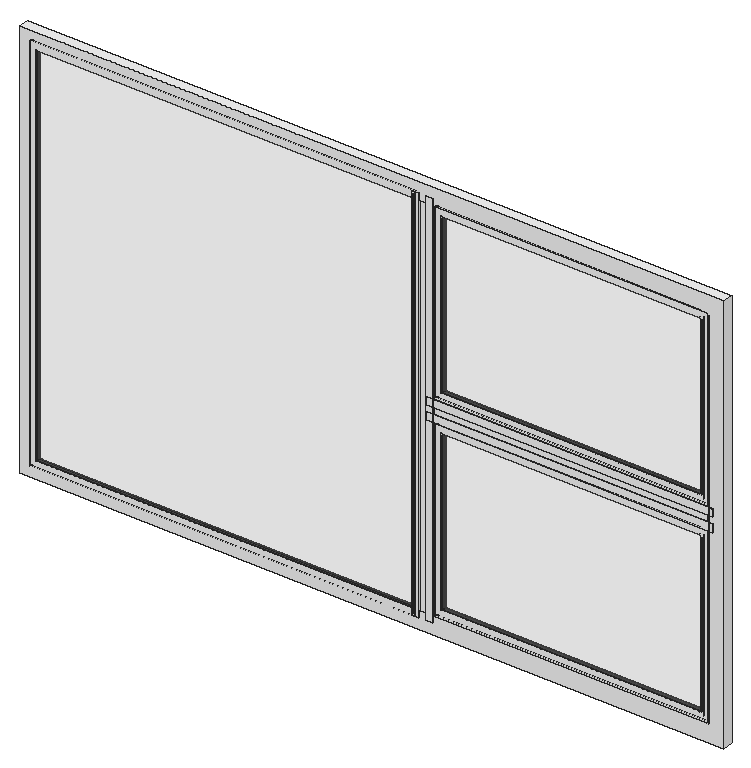
Revit family
Parameters (values of type "TH-PTT2112")
  Height = 1190 mm
  Head Height = 2125 mm
  Default Sill Height = Head Height - Height  # 935 mm
  Wall Closure = (empty or 0)
  Width = 2090 mm
Types (4, lengths in mm): name | Width
  (no name) | 2090
  TH-PTT2412 | 2390
  TH-PTT1812 | 1790
  TH-PTT2112 | 2090
Reference planes
  plane 1 "Center (Front/Back)": y = 0
  plane 2 "Center (Left/Right)": x = 0
  plane 3 "Left": x = -1045
  plane 4 "Right": x = 1045
  plane 5 "Sill": z = 935
  plane 6 "Head": z = 2125
  plane 7 "Exterior": y = 100
  plane 8 "Interior": y = -100
  plane 9: y = -30.5
  plane 10: x = 150
  plane 11: z = 1530
Forms (mm)
  Sweep 1, solid, material "Default Frame"
    path origin (0, 100, 0) x (1, 0, 0) y (0, 0, 1)
      loop
        line (1045, 2125) -> (-1045, 2125) -> (-1045, 935) -> (1045, 935) -> (1045, 2125)
    profile origin (0, 100, 2125) x (0, 0, -1) y (0, -1, 0)
      loop
        line (0, 115.25) -> (0, 84.75) -> (30.58, 84.75) -> (30.58, 87.464) -> (28.08, 86.021) -> (28.08, 113.85) -> (39.575, 113.85) -> (39.575, 111.85) -> (46.275, 111.85)
        arc (46.275, 111.85) -> (46.875, 111.25) -> (47.475, 111.85) r 0.6
        line (47.475, 111.85) -> (47.475, 115.25) -> (0, 115.25)
  Extrusion 2, solid, material "Glass"
    sketch origin (-72.092, -3.5, 0) x (1, 0, 0) y (0, 0, 1)
      loop
        line (205.492, 2091.8) -> (-939.668, 2091.8) -> (-939.668, 968.2) -> (205.492, 968.2) -> (205.492, 2091.8)
    from 0 to 3
  Sweep 3, solid, material "Default Frame"
    path origin (-95.36, -108, -50) x (1, 0, 0) y (0, 0, -1)
      loop
        line (257.36, -2170.4) -> (257.36, -989.6) -> (-945, -989.6) -> (-945, -2170.4) -> (257.36, -2170.4)
    profile origin (-439.18, -108, 2120.4) x (0, 0, 1) y (0, 1, 0)
      loop
        line (-25.08, 99.735) -> (-24.578, 94.997)
        arc (-24.578, 94.997) -> (-24.261, 94.736) -> (-23.98, 95.035) r 0.3
        line (-23.98, 95.035) -> (-23.98, 121.263) -> (-25.98, 120.536) -> (-25.98, 122.735) -> (-27.439, 122.735) -> (-40.407, 109.637) -> (-40.407, 108.637) -> (-28.6, 108.637) -> (-28.6, 109.637) -> (-25.08, 109.637) -> (-25.08, 99.735)
  Sweep 4, solid, material "Rubber seal"
    path origin (-95.36, -108, -50) x (1, 0, 0) y (0, 0, -1)
      loop
        line (257.36, -2170.4) -> (257.36, -989.6) -> (-945, -989.6) -> (-945, -2170.4) -> (257.36, -2170.4)
    profile origin (-439.18, -108, 2120.4) x (0, 0, 1) y (0, 1, 0)
      loop
        line (-41.398, 108.637) -> (-45.535, 104.5) -> (-35.029, 104.5) -> (-35.029, 108.637) -> (-41.398, 108.637)
      loop
        line (-45.535, 101.5) -> (-42.255, 96.75) -> (-35.028, 96.75) -> (-35.028, 101.5) -> (-45.535, 101.5)
  Sweep 5, solid, material "Default Frame"
    path origin (-2000, 100, 1819.513) x (0, 0, -1) y (1, 0, 0)
      loop
        line (853.933, 2175) -> (-274.907, 2175)
    profile origin (175, 100, 1530) x (-1, 0, 0) y (0, -1, 0)
      loop
        line (-5.9, 115.25) -> (-5.9, 111.85)
        arc (-5.9, 111.85) -> (-5.3, 111.25) -> (-4.7, 111.85) r 0.6
        line (-4.7, 111.85) -> (2, 111.85) -> (2, 113.85) -> (13.5, 113.85) -> (13.5, 86.026) -> (11, 87.47) -> (11, 84.75) -> (39, 84.75) -> (39, 87.47) -> (36.5, 86.026) -> (36.5, 113.85) -> (48, 113.85) -> (48, 111.85) -> (54.7, 111.85)
        arc (54.7, 111.85) -> (55.3, 111.25) -> (55.9, 111.85) r 0.6
        line (55.9, 111.85) -> (55.9, 115.25) -> (34.5, 115.25) -> (34.5, 111.07) -> (15.5, 111.07) -> (15.5, 115.25) -> (-5.9, 115.25)
  Extrusion 6, solid, material "Glass"
    sketch origin (0, 0.5, 49.432) x (-1, 0, 0) y (0, 0, -1)
      loop
        line (-189.24, -2019.688) -> (-189.24, -1519.808) -> (-989.12, -1519.808) -> (-989.12, -2019.688) -> (-189.24, -2019.688)
    from 0 to 3
  Sweep 7, solid, material "Default Frame"
    path origin (50, -100, -50) x (-1, 0, 0) y (0, 0, 1)
      loop
        line (-133.36, 2125) -> (-945, 2125) -> (-945, 1613.36) -> (-133.36, 1613.36) -> (-133.36, 2125)
    profile origin (589.18, -100, 2075) x (0, 0, -1) y (0, 1, 0)
      loop
        line (2.36, 95.735) -> (2.36, 105.637) -> (5.88, 105.637) -> (5.88, 104.637) -> (17.687, 104.637) -> (17.687, 105.637) -> (4.719, 118.735) -> (3.26, 118.735) -> (3.26, 116.536) -> (1.26, 117.263) -> (1.26, 91.035)
        arc (1.26, 91.035) -> (1.541, 90.736) -> (1.858, 90.997) r 0.3
        line (1.858, 90.997) -> (2.36, 95.735)
  Sweep 8, solid, material "Default Frame"
    path origin (50, -100, -50) x (-1, 0, 0) y (0, 0, 1)
      loop
        line (-133.4, 2125) -> (-945.02, 2125) -> (-945.02, 1613.4) -> (-133.4, 1613.4) -> (-133.4, 2125)
    profile origin (589.21, -100, 2075) x (0, 0, -1) y (0, 1, 0)
      loop
        line (-10.425, 88.75) -> (20.155, 88.75) -> (20.155, 92.15)
        arc (20.155, 92.15) -> (19.555, 92.75) -> (18.955, 92.15) r 0.6
        line (18.955, 92.15) -> (12.255, 92.15) -> (12.255, 90.15) -> (0.76, 90.15) -> (0.76, 117.979) -> (3.26, 116.536) -> (3.26, 119.25) -> (-27.32, 119.25) -> (-27.32, 115.85)
        arc (-27.32, 115.85) -> (-26.72, 115.25) -> (-26.12, 115.85) r 0.6
        line (-26.12, 115.85) -> (-19.42, 115.85) -> (-19.42, 117.85) -> (-7.92, 117.85) -> (-7.92, 90.018) -> (-10.425, 91.464) -> (-10.425, 88.75)
  Sweep 9, solid, material "Rubber seal"
    path origin (50, -100, -50) x (-1, 0, 0) y (0, 0, 1)
      loop
        line (-133.36, 2125) -> (-945, 2125) -> (-945, 1613.36) -> (-133.36, 1613.36) -> (-133.36, 2125)
    profile origin (589.18, -100, 2075) x (0, 0, -1) y (0, 1, 0)
      loop
        line (18.698, 104.637) -> (12.329, 104.637) -> (12.329, 100.5) -> (22.835, 100.5) -> (18.698, 104.637)
      loop
        line (22.835, 97.5) -> (12.329, 97.5) -> (12.329, 92.75) -> (19.555, 92.75) -> (22.835, 97.5)
  Extrusion 10, solid, material "Glass"
    sketch origin (0, 0.5, -528.965) x (-1, 0, 0) y (0, 0, -1)
      loop
        line (-189.24, -2019.656) -> (-189.24, -1519.845) -> (-989.12, -1519.845) -> (-989.12, -2019.656) -> (-189.24, -2019.656)
    from 0 to 3
  Sweep 11, solid, material "Default Frame"
    path origin (10.487, 100, -581.85) x (1, 0, 0) y (0, 0, 1)
      loop
        line (1003.933, 2136.85) -> (153.513, 2136.85)
    profile origin (589.21, 100, 1555) x (0, 0, -1) y (0, -1, 0)
      loop
        line (-5.9, 115.25) -> (-5.9, 111.85)
        arc (-5.9, 111.85) -> (-5.3, 111.25) -> (-4.7, 111.85) r 0.6
        line (-4.7, 111.85) -> (2, 111.85) -> (2, 113.85) -> (13.5, 113.85) -> (13.5, 86.026) -> (11, 87.47) -> (11, 84.75) -> (39, 84.75) -> (39, 87.47) -> (36.5, 86.026) -> (36.5, 113.85) -> (48, 113.85) -> (48, 111.85) -> (54.7, 111.85)
        arc (54.7, 111.85) -> (55.3, 111.25) -> (55.9, 111.85) r 0.6
        line (55.9, 111.85) -> (55.9, 115.25) -> (34.5, 115.25) -> (34.5, 111.07) -> (15.5, 111.07) -> (15.5, 115.25) -> (-5.9, 115.25)
  Sweep 12, solid, material "Default Frame"
    path origin (50, -100, -628.42) x (-1, 0, 0) y (0, 0, 1)
      loop
        line (-133.36, 2125) -> (-945, 2125) -> (-945, 1613.36) -> (-133.36, 1613.36) -> (-133.36, 2125)
    profile origin (589.18, -100, 1496.58) x (0, 0, -1) y (0, 1, 0)
      loop
        line (2.36, 95.735) -> (2.36, 105.637) -> (5.88, 105.637) -> (5.88, 104.637) -> (17.687, 104.637) -> (17.687, 105.637) -> (4.719, 118.735) -> (3.26, 118.735) -> (3.26, 116.536) -> (1.26, 117.263) -> (1.26, 91.035)
        arc (1.26, 91.035) -> (1.541, 90.736) -> (1.858, 90.997) r 0.3
        line (1.858, 90.997) -> (2.36, 95.735)
  Sweep 13, solid, material "Default Frame"
    path origin (50, -100, -628.42) x (-1, 0, 0) y (0, 0, 1)
      loop
        line (-133.4, 2125) -> (-945, 2125) -> (-945, 1613.4) -> (-133.4, 1613.4) -> (-133.4, 2125)
    profile origin (589.2, -100, 1496.58) x (0, 0, -1) y (0, 1, 0)
      loop
        line (-10.425, 88.75) -> (20.155, 88.75) -> (20.155, 92.15)
        arc (20.155, 92.15) -> (19.555, 92.75) -> (18.955, 92.15) r 0.6
        line (18.955, 92.15) -> (12.255, 92.15) -> (12.255, 90.15) -> (0.76, 90.15) -> (0.76, 117.979) -> (3.26, 116.536) -> (3.26, 119.25) -> (-27.32, 119.25) -> (-27.32, 115.85)
        arc (-27.32, 115.85) -> (-26.72, 115.25) -> (-26.12, 115.85) r 0.6
        line (-26.12, 115.85) -> (-19.42, 115.85) -> (-19.42, 117.85) -> (-7.92, 117.85) -> (-7.92, 90.018) -> (-10.425, 91.464) -> (-10.425, 88.75)
  Sweep 14, solid, material "Rubber seal"
    path origin (50, -100, -628.42) x (-1, 0, 0) y (0, 0, 1)
      loop
        line (-133.36, 2125) -> (-945, 2125) -> (-945, 1613.36) -> (-133.36, 1613.36) -> (-133.36, 2125)
    profile origin (589.18, -100, 1496.58) x (0, 0, -1) y (0, 1, 0)
      loop
        line (18.698, 104.637) -> (12.329, 104.637) -> (12.329, 100.5) -> (22.835, 100.5) -> (18.698, 104.637)
      loop
        line (22.835, 97.5) -> (12.329, 97.5) -> (12.329, 92.75) -> (19.555, 92.75) -> (22.835, 97.5)
Lines and regions (mm)
  Opening 1
    outline origin (3500, -100, 0) x (1, 0, 0) y (0, 0, 1)
      loop
        line (-2455, 935) -> (-2455, 2125) -> (-4545, 2125) -> (-4545, 935) -> (-2455, 935)
  symbolic lines, style "Elevation Swing"
    curve 1: line (1022.34, 38.5, 2102.32) -> (589.21, 38.5, 1536.08)
    curve 2: line (589.21, 38.5, 1536.08) -> (156.063, 38.5, 2102.337)
    curve 3: line (1021.12, 38.5, 1522.7) -> (589.2, 38.5, 957.66)
    curve 4: line (589.2, 38.5, 957.66) -> (156.063, 38.5, 1523.917)
Text (mm)
  text "EXTERIOR" at (-1963.203, 1332.353, 0), in view "Ref. Level"
  text "INTERIOR" at (-1981.466, -818.386, 0), in view "Ref. Level"
  text "Exterior" at (0, 923.751, 2943.296), in view "Right"
  text "Exterior" at (0, 1040.484, 2685.409), in view "Left"
Dimensions and locks
  equal spacing: plane 3 "Left", plane 2 "Center (Left/Right)", plane 4 "Right"
  "Width": plane 3 "Left" to plane 4 "Right"
  "Height": plane 5 "Sill" to plane 6 "Head"
  "Default Sill Height": plane 5 "Sill" to level
  locked: plane 7 "Exterior" to host wall at 0
  locked: plane 8 "Interior" to host wall
  locked: Sweep 3 sketch curve to Sweep 1 at 4.6
  locked: Sweep 1 to Sweep 3 sketch curve at 4.6
  Sweep 5 to Sweep 3 sketch curve = 26 mm
  locked: Sweep 4 sketch curve to Sweep 1 at 4.6
  locked: Sweep 1 to Sweep 4 sketch curve at 4.6
  Sweep 5 to Sweep 4 sketch curve = 26 mm
  plane 10 to plane 4 "Right" = 895 mm
  locked: plane 10 to Sweep 5 sketch curve at 25
  locked: Sweep 3 sketch curve to Sweep 1 at 4.64
  Extrusion 2 to plane 10 = 16.6 mm
  plane 11 to Extrusion 6 = 39.24 mm
  equal spacing: Sweep 1, plane 11, Sweep 1
  plane 5 "Sill" to plane 11 to plane 6 "Head" = 595 mm, 595 mm
  locked: Sweep 7 sketch curve to Sweep 8 at 3.3
  Sweep 8 to Sweep 7 sketch curve = 3.3 mm  (x2)
  locked: Sweep 9 sketch curve to Sweep 8 at 3.3
  Sweep 8 to Sweep 9 sketch curve = 3.3 mm
  Sweep 11 to Sweep 8 sketch curve = 19.4 mm
  Sweep 8 sketch curve to Sweep 5 = 19.4 mm
  locked: Sweep 12 sketch curve to Sweep 13 at 3.3
  Sweep 13 to Sweep 12 sketch curve = 3.3 mm  (x2)
  locked: Sweep 14 sketch curve to Sweep 13 at 3.3
  Sweep 13 to Sweep 14 sketch curve = 3.3 mm
  Sweep 8 sketch curve to Sweep 1 = 19.4 mm
  aligned and locked: Sweep 7 to Extrusion 6
  aligned and locked: Sweep 7 to Extrusion 10
  aligned and locked: Sweep 5 to Sweep 11 sketch curve
  aligned and locked: Extrusion 2 to Sweep 3
  aligned: curve 4 to Sweep 13
Automatic sketch dimensions
  Opening 1 sketch curve to plane 3 "Left" = 0 mm
  Opening 1 sketch curve to plane 4 "Right" = 0 mm
  Opening 1 sketch curve to plane 5 "Sill" = 0 mm
  Opening 1 sketch curve to plane 6 "Head" = 0 mm
  Sweep 1 sketch curve to plane 3 "Left" = 0 mm
  Sweep 1 sketch curve to plane 4 "Right" = 0 mm
  Sweep 1 sketch curve to plane 5 "Sill" = 0 mm
  Sweep 1 sketch curve to plane 6 "Head" = 0 mm
  Sweep 1 sketch curve to profile plane = 0 mm
  Sweep 1 sketch curve to profile plane = 28.08 mm
  Sweep 1 sketch curve to Sweep 1 sketch curve = 2.5 mm
  Sweep 1 sketch curve to Sweep 1 sketch curve = 11.495 mm
  Sweep 1 sketch curve to Sweep 1 sketch curve = 6.7 mm
  Sweep 1 sketch curve to Sweep 1 sketch curve = 0.6 mm
  profile plane to Sweep 1 sketch curve = 84.75 mm
  Sweep 1 sketch curve to Sweep 1 sketch curve = 1.271 mm
  Sweep 1 sketch curve to Sweep 1 sketch curve = 2.714 mm
  Sweep 1 sketch curve to Sweep 1 sketch curve = 24.386 mm
  Sweep 1 sketch curve to Sweep 1 sketch curve = 2 mm
  Sweep 1 sketch curve to Sweep 1 sketch curve = 3.4 mm
  Extrusion 2 sketch curve to plane 3 "Left" = 33.24 mm
  Extrusion 2 sketch curve to plane 10 = 16.6 mm
  Extrusion 2 sketch curve to plane 5 "Sill" = 33.2 mm
  plane 6 "Head" to Extrusion 2 sketch curve = 33.2 mm
  profile plane to Sweep 3 sketch curve = 40.407 mm
  Sweep 3 sketch curve to Sweep 3 sketch curve = 11.806 mm
  Sweep 3 sketch curve to Sweep 3 sketch curve = 1.161 mm
  Sweep 3 sketch curve to Sweep 3 sketch curve = 1.459 mm
  Sweep 3 sketch curve to Sweep 3 sketch curve = 3.52 mm
  Sweep 3 sketch curve to Sweep 3 sketch curve = 0.502 mm
  Sweep 3 sketch curve to Sweep 3 sketch curve = 0.298 mm
  Sweep 3 sketch curve to Sweep 3 sketch curve = 0.3 mm
  profile plane to Sweep 3 sketch curve = 94.997 mm
  Sweep 3 sketch curve to Sweep 3 sketch curve = 4.738 mm
  Sweep 3 sketch curve to Sweep 3 sketch curve = 8.902 mm
  Sweep 3 sketch curve to Sweep 3 sketch curve = 1 mm  (x2)
  Sweep 3 sketch curve to Sweep 3 sketch curve = 10.899 mm
  Sweep 3 sketch curve to Sweep 3 sketch curve = 0.728 mm
  Sweep 3 sketch curve to Sweep 3 sketch curve = 2.2 mm
  Sweep 4 sketch curve to plane 3 "Left" = 4.64 mm
  profile plane to Sweep 4 sketch curve = 45.535 mm
  Sweep 4 sketch curve to Sweep 4 sketch curve = 0 mm
  Sweep 4 sketch curve to Sweep 4 sketch curve = 3.28 mm
  Sweep 4 sketch curve to Sweep 4 sketch curve = 4.137 mm  (x2)
  Sweep 4 sketch curve to Sweep 4 sketch curve = 6.37 mm
  Sweep 4 sketch curve to Sweep 4 sketch curve = 7.226 mm
  profile plane to Sweep 4 sketch curve = 96.75 mm
  Sweep 4 sketch curve to Sweep 4 sketch curve = 4.75 mm
  Sweep 4 sketch curve to Sweep 4 sketch curve = 3 mm
  plane 6 "Head" to Sweep 5 sketch curve = 30.58 mm
  Sweep 5 sketch curve to plane 5 "Sill" = 30.58 mm
  profile plane to Sweep 5 sketch curve = 5.9 mm
  Sweep 5 sketch curve to Sweep 5 sketch curve = 0.6 mm  (x2)
  Sweep 5 sketch curve to profile plane = 2 mm
  Sweep 5 sketch curve to profile plane = 11 mm
  Sweep 5 sketch curve to Sweep 5 sketch curve = 2.5 mm  (x2)
  Sweep 5 sketch curve to Sweep 5 sketch curve = 2 mm  (x4)
  Sweep 5 sketch curve to Sweep 5 sketch curve = 19 mm
  Sweep 5 sketch curve to Sweep 5 sketch curve = 11.5 mm
  Sweep 5 sketch curve to Sweep 5 sketch curve = 6.7 mm
  profile plane to Sweep 5 sketch curve = 84.75 mm
  Sweep 5 sketch curve to Sweep 5 sketch curve = 1.276 mm  (x2)
  Sweep 5 sketch curve to Sweep 5 sketch curve = 2.72 mm  (x2)
  Sweep 5 sketch curve to Sweep 5 sketch curve = 23.6 mm
  Sweep 5 sketch curve to Sweep 5 sketch curve = 0.78 mm  (x2)
  Sweep 5 sketch curve to Sweep 5 sketch curve = 3.4 mm  (x2)
  plane 4 "Right" to Extrusion 6 sketch curve = 55.88 mm
  plane 10 to Extrusion 6 sketch curve = 39.24 mm
  plane 6 "Head" to Extrusion 6 sketch curve = 55.88 mm
  plane 11 to Extrusion 6 sketch curve = 39.24 mm
  plane 4 "Right" to Sweep 7 sketch curve = 50 mm
  plane 6 "Head" to Sweep 7 sketch curve = 50 mm
  Sweep 7 sketch curve to profile plane = 1.26 mm
  Sweep 7 sketch curve to Sweep 7 sketch curve = 0.3 mm
  Sweep 7 sketch curve to Sweep 7 sketch curve = 0.298 mm
  Sweep 7 sketch curve to profile plane = 2.36 mm
  Sweep 7 sketch curve to Sweep 7 sketch curve = 2 mm
  Sweep 7 sketch curve to Sweep 7 sketch curve = 1.459 mm
  Sweep 7 sketch curve to Sweep 7 sketch curve = 3.52 mm
  Sweep 7 sketch curve to Sweep 7 sketch curve = 11.806 mm
  profile plane to Sweep 7 sketch curve = 90.997 mm
  Sweep 7 sketch curve to Sweep 7 sketch curve = 4.738 mm
  Sweep 7 sketch curve to Sweep 7 sketch curve = 8.902 mm
  Sweep 7 sketch curve to Sweep 7 sketch curve = 1 mm  (x2)
  Sweep 7 sketch curve to Sweep 7 sketch curve = 10.899 mm
  Sweep 7 sketch curve to Sweep 7 sketch curve = 0.728 mm
  Sweep 7 sketch curve to Sweep 7 sketch curve = 2.2 mm
  plane 6 "Head" to Sweep 8 sketch curve = 50 mm
  profile plane to Sweep 8 sketch curve = 27.32 mm
  Sweep 8 sketch curve to Sweep 8 sketch curve = 0.6 mm  (x2)
  Sweep 8 sketch curve to Sweep 8 sketch curve = 6.7 mm  (x2)
  profile plane to Sweep 8 sketch curve = 10.425 mm
  Sweep 8 sketch curve to Sweep 8 sketch curve = 2.505 mm
  Sweep 8 sketch curve to profile plane = 0.76 mm
  Sweep 8 sketch curve to Sweep 8 sketch curve = 2.5 mm
  Sweep 8 sketch curve to Sweep 8 sketch curve = 11.495 mm
  profile plane to Sweep 8 sketch curve = 88.75 mm
  Sweep 8 sketch curve to Sweep 8 sketch curve = 1.268 mm
  Sweep 8 sketch curve to Sweep 8 sketch curve = 1.4 mm
  Sweep 8 sketch curve to Sweep 8 sketch curve = 2.714 mm  (x2)
  Sweep 8 sketch curve to Sweep 8 sketch curve = 3.4 mm
  Sweep 8 sketch curve to Sweep 8 sketch curve = 24.386 mm
  Sweep 8 sketch curve to Sweep 8 sketch curve = 0.686 mm
  Sweep 8 sketch curve to Sweep 8 sketch curve = 2 mm
  Sweep 8 sketch curve to Sweep 8 sketch curve = 1.443 mm
  plane 4 "Right" to Sweep 9 sketch curve = 50 mm
  plane 6 "Head" to Sweep 9 sketch curve = 50 mm
  Sweep 9 sketch curve to profile plane = 12.329 mm
  Sweep 9 sketch curve to Sweep 9 sketch curve = 0 mm  (x2)
  Sweep 9 sketch curve to Sweep 9 sketch curve = 6.37 mm
  Sweep 9 sketch curve to Sweep 9 sketch curve = 7.226 mm
  Sweep 9 sketch curve to Sweep 9 sketch curve = 4.137 mm  (x2)
  profile plane to Sweep 9 sketch curve = 92.75 mm
  Sweep 9 sketch curve to Sweep 9 sketch curve = 4.75 mm
  Sweep 9 sketch curve to Sweep 9 sketch curve = 3 mm
  plane 4 "Right" to Extrusion 10 sketch curve = 55.88 mm
  plane 10 to Extrusion 10 sketch curve = 39.24 mm
  Extrusion 10 sketch curve to plane 11 = 39.309 mm
  Extrusion 10 sketch curve to plane 5 "Sill" = 55.88 mm
  plane 4 "Right" to Sweep 11 sketch curve = 30.58 mm
  plane 11 to Sweep 11 sketch curve = 25 mm
  profile plane to Sweep 11 sketch curve = 5.9 mm
  Sweep 11 sketch curve to Sweep 11 sketch curve = 0.6 mm  (x2)
  Sweep 11 sketch curve to profile plane = 2 mm
  Sweep 11 sketch curve to profile plane = 11 mm
  Sweep 11 sketch curve to Sweep 11 sketch curve = 2.5 mm  (x2)
  Sweep 11 sketch curve to Sweep 11 sketch curve = 2 mm  (x4)
  Sweep 11 sketch curve to Sweep 11 sketch curve = 19 mm
  Sweep 11 sketch curve to Sweep 11 sketch curve = 11.5 mm
  Sweep 11 sketch curve to Sweep 11 sketch curve = 6.7 mm
  profile plane to Sweep 11 sketch curve = 84.75 mm
  Sweep 11 sketch curve to Sweep 11 sketch curve = 1.276 mm  (x2)
  Sweep 11 sketch curve to Sweep 11 sketch curve = 2.72 mm  (x2)
  Sweep 11 sketch curve to Sweep 11 sketch curve = 23.6 mm
  Sweep 11 sketch curve to Sweep 11 sketch curve = 0.78 mm  (x2)
  Sweep 11 sketch curve to Sweep 11 sketch curve = 3.4 mm  (x2)
  plane 4 "Right" to Sweep 12 sketch curve = 50 mm
  Sweep 12 sketch curve to plane 11 = 33.42 mm
  Sweep 12 sketch curve to profile plane = 1.26 mm
  Sweep 12 sketch curve to Sweep 12 sketch curve = 0.3 mm
  Sweep 12 sketch curve to Sweep 12 sketch curve = 0.298 mm
  Sweep 12 sketch curve to profile plane = 2.36 mm
  Sweep 12 sketch curve to Sweep 12 sketch curve = 2 mm
  Sweep 12 sketch curve to Sweep 12 sketch curve = 1.459 mm
  Sweep 12 sketch curve to Sweep 12 sketch curve = 3.52 mm
  Sweep 12 sketch curve to Sweep 12 sketch curve = 11.806 mm
  profile plane to Sweep 12 sketch curve = 90.997 mm
  Sweep 12 sketch curve to Sweep 12 sketch curve = 4.738 mm
  Sweep 12 sketch curve to Sweep 12 sketch curve = 8.902 mm
  Sweep 12 sketch curve to Sweep 12 sketch curve = 1 mm  (x2)
  Sweep 12 sketch curve to Sweep 12 sketch curve = 10.899 mm
  Sweep 12 sketch curve to Sweep 12 sketch curve = 0.728 mm
  Sweep 12 sketch curve to Sweep 12 sketch curve = 2.2 mm
  plane 4 "Right" to Sweep 13 sketch curve = 50 mm
  plane 10 to Sweep 13 sketch curve = 33.4 mm
  Sweep 13 sketch curve to plane 5 "Sill" = 49.98 mm
  Sweep 13 sketch curve to plane 11 = 33.42 mm
  profile plane to Sweep 13 sketch curve = 27.32 mm
  Sweep 13 sketch curve to Sweep 13 sketch curve = 0.6 mm  (x2)
  Sweep 13 sketch curve to Sweep 13 sketch curve = 6.7 mm  (x2)
  profile plane to Sweep 13 sketch curve = 10.425 mm
  Sweep 13 sketch curve to Sweep 13 sketch curve = 2.505 mm
  Sweep 13 sketch curve to profile plane = 0.76 mm
  Sweep 13 sketch curve to Sweep 13 sketch curve = 2.5 mm
  Sweep 13 sketch curve to Sweep 13 sketch curve = 11.495 mm
  profile plane to Sweep 13 sketch curve = 88.75 mm
  Sweep 13 sketch curve to Sweep 13 sketch curve = 1.268 mm
  Sweep 13 sketch curve to Sweep 13 sketch curve = 1.4 mm
  Sweep 13 sketch curve to Sweep 13 sketch curve = 2.714 mm  (x2)
  Sweep 13 sketch curve to Sweep 13 sketch curve = 3.4 mm
  Sweep 13 sketch curve to Sweep 13 sketch curve = 24.386 mm
  Sweep 13 sketch curve to Sweep 13 sketch curve = 0.686 mm
  Sweep 13 sketch curve to Sweep 13 sketch curve = 2 mm
  Sweep 13 sketch curve to Sweep 13 sketch curve = 1.443 mm
  plane 4 "Right" to Sweep 14 sketch curve = 50 mm
  Sweep 14 sketch curve to plane 11 = 33.42 mm
  Sweep 14 sketch curve to profile plane = 12.329 mm
  Sweep 14 sketch curve to Sweep 14 sketch curve = 0 mm  (x2)
  Sweep 14 sketch curve to Sweep 14 sketch curve = 6.37 mm
  Sweep 14 sketch curve to Sweep 14 sketch curve = 7.226 mm
  Sweep 14 sketch curve to Sweep 14 sketch curve = 4.137 mm  (x2)
  profile plane to Sweep 14 sketch curve = 92.75 mm
  Sweep 14 sketch curve to Sweep 14 sketch curve = 4.75 mm
  Sweep 14 sketch curve to Sweep 14 sketch curve = 3 mm
  plane 4 "Right" to curve 1 = 22.66 mm
  curve 3 to plane 11 = 7.3 mm
  plane 4 "Right" to curve 3 = 23.88 mm
  plane 11 to curve 2 = 6.08 mm
  curve 3 to curve 2 = 431.91 mm
  plane 10 to curve 3 = 439.2 mm
  curve 4 to plane 5 "Sill" = 22.66 mm
  plane 10 to curve 4 = 6.063 mm
  plane 10 to curve 2 = 6.063 mm
  curve 4 to plane 11 = 6.083 mm
  plane 6 "Head" to curve 1 = 22.68 mm
  plane 6 "Head" to curve 2 = 22.663 mm
